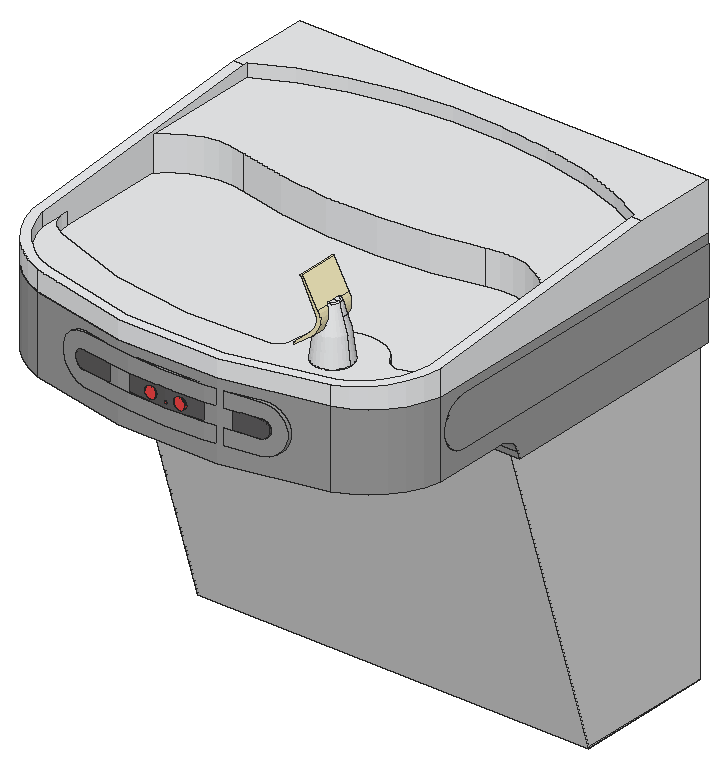
Revit family "Wall_mount-ada_cooler-elkay-LZO8L", category Plumbing Fixtures, Revit 2022
Family settings
  Round Connector Dimension = Use Diameter
  Part Type = Normal
  OmniClass Number = 23.65.70.14.11
  OmniClass Title = Drinking Fountains/Coolers
  Work Plane-Based = No
  Always vertical = Yes
  Cut with Voids When Loaded = No
  Maintain Annotation Orientation = No
  Shared = No
  Room Calculation Point = No
Parameters (values of type "LZO8L (Hands-free Activation Wall Mount ADA Cooler)")
  sensor button = 0"
  Voltage = 115 V
  URL = "https://www.elkay.com/us/en.html"
  Repair Parts URL = "https://www.elkayfiles.com/care-cleaning-install-warranty-sheets/1000003484.pdf"
  Product data URL = "https://bimobject.com/elkay/product/LZO8L"
  Product Weight (lbs) = 19
  Product Page URL = "https://www.elkay.com/products/details/lzo8l"
  Product Installation Sheet URL = "https://www.elkayfiles.com/care-cleaning-install-warranty-sheets/1000003484.pdf"
  Product Documentation Link = "https://www.elkayfiles.com/spec-sheets/lzo8l_spec.pdf"
  Power Factor = 1
  Outlet Connection Size (inch) = "1.25"
  Number of Poles = 1
  Mounting Type = "Wall Mount (On Wall)"
  Modified Date = ""
  Model = "LZO8L"
  Material_Wrapper = Finish-Elkay-Light Gray(1)
  Material_Shroud = Finish-Elkay-Light Gray
  Masking Arc Radius = 21"
  Masking A2 = 21.01042"
  Masking A1 = 21.44354"
  Manufacturer Brand = "Elkay (by Zurn Elkay Water Solutions)"  # constant formula
  Manufacturer = "Elkay Manufacturer Company"  # constant formula
  Main Material = Finish-Elkay-Steel
  Installation Location = "Indoor"
  Inlet Connection Size (inch) = 3/8"
  Dimensions (L x W x H) = "\"18 3/8 inch x 19 inch x 19 13/16 inch\""
  Description = "Wall Mount Hands-free Activation ADA Cooler Filtered Refrigerated Light Gray Granite"
  Default Elevation = 0"
  Date Created = "12/12/2025"  # constant formula
  Current = 0 A
  Connector Supply A = 3/8"
  Connector Outlet B = 1 1/4"
  Chilling Capacity(GPH) = 8
  Assembly Code = "D2010.60"
  Approx. Shipping Weight (lbs) = 54
  Activation Method = "Electronic Sensor Bubbler"
Reference planes (in)
  plane 1 "Center (Front/Back)": y = 0
  plane 2: z = 0
  plane 3 "Center (Left/Right)": x = 0
  plane 4: y = -16.15
  plane 5: y = -3.50315
  plane 6: y = -7.23664
  plane 7: y = 0
  plane 8: y = -0.11259
  plane 9: y = -17.38175
  plane 10: y = -16.0315
  plane 11: y = -15.67829
  plane 12: y = -6.24243
  plane 13: z = 12.51969
  plane 14: z = 32.87402
  plane 15: z = 17.4375
  plane 16: x = -5.74803
  plane 17: z = 21.875
  plane 18: x = -3.85827
  plane 19: z = 19
  plane 20: x = -2
  plane 21: y = -9.44688
Forms (in)
  Extrusion 1, solid, material "Finish-Elkay-Tansparent-Glass"
    sketch origin (0, 0, 0) x (1, 0, 0) y (0, 0, 1)
      loop
        circle (-3.85827, 21.875) r 0.625
    from 0.03937 to 0
  Extrusion 2, solid, material "Finish-Elkay-Tansparent-Glass"
    sketch origin (0, 0, 0) x (1, 0, 0) y (0, 0, 1)
      loop
        circle (-2, 19) r 0.1875
      loop
        circle (-5.74803, 17.4375) r 0.125
    from 0 to 0.03937
Lines and regions (in)
  Masking region 1
    outline origin (0, 0, 0) x (1, 0, 0) y (0, 1, 0)
      loop
        line (-9.2126, 0) -> (-9.2126, -15.0315)
        arc (-9.2126, -15.0315) -> (-8.31334, -16.89981) -> (-6.58836, -18.05033) r 3.92954
        arc (-6.58836, -18.05033) -> (0, -19.11771) -> (6.58836, -18.05033) r 20.86692
        arc (6.58836, -18.05033) -> (8.31334, -16.89981) -> (9.2126, -15.0315) r 3.92954
        line (9.2126, -15.0315) -> (9.2126, 0) -> (-9.2126, 0)
  Masking region 2, detail levels fine
    outline origin (0.00781, 0, 0) x (1, 0, 0) y (0, 1, 0)
      loop
        circle (5.11609, -16.02985) r 0.832
  Masking region 3, detail levels fine
    outline origin (0, 0, 0) x (1, 0, 0) y (0, 1, 0)
      loop
        line (-9.2126, 0) -> (-9.2126, -9.44688)
        arc (-9.2126, -9.44688) -> (-7.59809, -8.00178) -> (-5.43597, -7.85953) r 3.32209
        spline (-5.43597, -7.85953) -> (-4.58803, -8.06864) -> (-3.70867, -8.2417) -> (-2.80393, -8.37755) -> (-1.87999, -8.47525) -> (-0.94318, -8.53413) -> (0.00008, -8.55378) -> (0.94333, -8.53409) -> (1.88013, -8.47516) -> (2.80405, -8.37743) -> (3.70877, -8.24154) -> (4.58809, -8.06843) -> (5.43601, -7.85929)
        arc (5.43601, -7.85929) -> (7.59791, -8.00128) -> (9.2126, -9.44583) r 3.32235
        line (9.2126, -9.44583) -> (9.2126, 0) -> (-9.2126, 0)
Dimensions and locks (in)
  locked: plane 4 to plane 1 "Center (Front/Back)" at 16.15
  locked: plane 5 to plane 1 "Center (Front/Back)" at 3.50315
  locked: plane 5 to plane 6 at 3.73349
  locked: plane 7 to plane 8 at 0.11259
  locked: plane 7 to plane 5 at 3.50315
  locked: plane 6 to plane 11 at 8.44165
  locked: plane 1 "Center (Front/Back)" to plane 12 at 6.24243
  locked: plane 10 to plane 9 at 1.35026
  locked: plane 1 "Center (Front/Back)" to plane 9 at 17.38175
  locked: plane 11 to Masking region 2 sketch curve at 0.35156
  locked: plane 13 to level at 12.51969
  locked: plane 14 to level at 32.87402
  locked: nested 1 to level at 27.24788
  locked: nested 1 to nested 1 at 18.38583
  plane 15 to level = 17 7/16"
  locked: plane 3 "Center (Left/Right)" to plane 16 at 5.74803
  locked: plane 17 to level at 21.875
  locked: plane 3 "Center (Left/Right)" to plane 18 at 3.85827
  locked: plane 19 to level at 19
  locked: nested 1 to plane 20 at 2
  locked: plane 7 to plane 21 at 9.44793
  "Connector Outlet B": diameter of Extrusion 1 sketch curve
  "Connector Supply A": diameter of Extrusion 2 sketch curve
  aligned and locked: level to plane 2
  aligned and locked: Extrusion 1 to plane 1 "Center (Front/Back)"
  aligned and locked: Extrusion 2 to plane 1 "Center (Front/Back)"
  aligned and locked: Masking region 3 sketch curve to plane 7
  aligned and locked: plane 3 "Center (Left/Right)" to nested 1
  aligned and locked: nested 1 to plane 13
  aligned and locked: plane 17 to Extrusion 1 sketch curve
  aligned and locked: plane 18 to Extrusion 1 sketch curve
  aligned and locked: plane 19 to Extrusion 2 sketch curve
  aligned and locked: plane 20 to Extrusion 2 sketch curve
  aligned and locked: nested 1 to Masking region 1 sketch curve  (x3)
  aligned and locked: Masking region 1 to Masking region 3
  aligned and locked: Masking region 3 to Masking region 1  (x2)
  aligned and locked: plane 21 to Masking region 3  (x3)
  aligned and locked: Masking region 1 sketch curve to nested 1  (x3)
  aligned and locked: plane 16 to Extrusion 2 sketch curve
  aligned and locked: plane 15 to Extrusion 2 sketch curve
Automatic sketch dimensions
  plane 3 "Center (Left/Right)" to Masking region 2 sketch curve = 5.12391"
  plane 21 to Masking region 3 sketch curve = 0.00105"
  Masking region 3 sketch curve to plane 21 = 0"
  Masking region 3 sketch curve to plane 16 = 3.46457"
  Masking region 3 sketch curve to plane 16 = 0.56283"
  Masking region 3 sketch curve to plane 21 = 1.61743"
  plane 3 "Center (Left/Right)" to Masking region 3 sketch curve = 6.31113"
  plane 3 "Center (Left/Right)" to Masking region 3 sketch curve = 9.2126"
  Masking region 3 sketch curve to plane 21 = 1.61747"
  plane 16 to Masking region 3 sketch curve = 0.31206"
  Masking region 3 sketch curve to plane 3 "Center (Left/Right)" = 0.00042"
  Masking region 3 sketch curve to plane 6 = 0.62266"
  plane 5 to Masking region 3 sketch curve = 0.698"
  radius of Masking region 2 sketch curve = 0.832"
  radius of Extrusion 2 sketch curve = 1/8"
Nested families (in)
  nested 1: "sensor cooler" at (0, 0, 26.39749), type "sensor cooler"
    with sensor buttons yes, Material_Wrapper Finish-Elkay-Light Gray1, Material_Bubbler Finish-Elkay-Tan, Material_Basin Finish-Elkay-Light Gray, Main Material Finish-Elkay-Light Gray
Connectors (in)
  piping at (-3.85827, 0, 21.875), diameter 1.25, driven by "Connector Outlet B"
    settings: on Extrusion 1, index 1, connector inside diameter 24", connector length 0", flow factor 0, pipe flow 0 GPM, pressure drop 0.00 psi, fitting loss kfactor 0, connector angle 0.00°, fixture units 0, engagement length 0", angle of deflection 0.00°, flow configuration 0, flow direction 2, fitting loss method 0, system type 16, joint type 0, gender type 0, connector reference index -1, connector utility 0, adjustable connector no, is connector primary yes, connector description "Sanitary Outlet"
  piping at (-2, -0.03937, 19), diameter 0.375, driven by "Connector Supply A"
    settings: on Extrusion 2, index 2, connector inside diameter 24", connector length 0", flow factor 0, pipe flow 0 GPM, pressure drop 0.00 psi, fitting loss kfactor 0, connector angle 0.00°, fixture units 0, engagement length 0", angle of deflection 0.00°, flow configuration 0, flow direction 1, fitting loss method 0, system type 20, joint type 0, gender type 0, connector reference index -1, connector utility 0, adjustable connector no, is connector primary no, connector description "Water Supply"
  electrical at (-5.74803, -0.03937, 17.4375), driven by "Voltage"
    settings: on Extrusion 2, index 3, voltage 115 V, apparent load 0 VA, apparent load phase1 0 VA, apparent load phase2 0 VA, apparent load phase3 0 VA, power factor 1, load classification "Other", number of poles 1, system type 30, power factor state 1, is connector primary yes, connector utility no, sub classification motor no, connector description ""
Definition of nested family "sensor cooler"
  Parameters (values of type "sensor cooler")
    sensor buttons [instance] = yes
    Side Panel Radius = 1.10236"
    Sensor Button = none
    Repair Parts URL = ""
    Product data URL = ""
    Product Page URL = ""
    Product Installation Sheet URL = ""
    Product Documentation Link = ""
    Modified Date = ""
    Material_Wrapper [instance] = none
    Material_Bubbler [instance] = none
    Material_Basin [instance] = none
    Manufacturer Brand = ""
    Main Material [instance] = none
    Front Cut = 21.48291"
    Flow Rate (GPM) = 0 GPM
    Default Elevation = 0"
    Date Created = ""
    B1 = 0.98425"
    Angle1 = 107.585°
    A2 = 3.79892"
    A1 = 3.84199"
  Reference planes (in)
    plane 1 "Center (Front/Back)": y = 0
    plane 2: z = -0.14961
    plane 3 "Center (Left/Right)": x = 0
    plane 4: x = -9.17323
    plane 5: z = 4.2874
    plane 6: z = 0.85039
    plane 7: y = -19.01181
    plane 8: y = -15.0315
    plane 9: x = -9.2126
    plane 10: x = 9.2126
    plane 11: z = 1.66142
    plane 12: z = 3.86614
    plane 13: y = -14.84252
    plane 14: y = -13.73622
    plane 15: y = -19.09449
    plane 16: x = 3.96654
    plane 17: x = -3.96654
    plane 18: x = 9.17323
    plane 19: z = 6.40354
    plane 20: y = -3.70945
    plane 21 "Top": z = 12.23412
    plane 22: x = -8.74016
    plane 23: x = 8.74016
    plane 24: x = -3.07087
    plane 25: x = 3.07087
    plane 26: y = -6.23543
    plane 27: y = -16.0315
    plane 28: x = 5.0126
    plane 29: z = 2.76378
  Forms (in)
    Extrusion 1, solid, material <- "Material_Basin", detail levels fine
      sketch origin (0, 0, -0.14961) x (1, 0, 0) y (0, 1, 0)
        loop
          line (-9.17323, 0) -> (-9.17323, -15.0315)
          arc (-9.17323, -15.0315) -> (-8.28065, -16.86236) -> (-6.57758, -17.97965) r 3.84199
          arc (-6.57758, -17.97965) -> (0.01153, -19.01709) -> (6.60064, -17.97965) r 21.44354
          arc (6.60064, -17.97965) -> (8.29568, -16.86225) -> (9.17323, -15.0315) r 3.79892
          line (9.17323, -15.0315) -> (9.17323, 0) -> (-9.17323, 0)
      from 0 to 4.43701
    Extrusion 2, void
      sketch origin (0, 0, 0) x (0, -1, 0) y (0, 0, 1)
        loop
          line (20.07874, 0.85039) -> (11.63092, 0.85039)
          arc (11.63092, 0.85039) -> (11.04951, 0.66032) -> (10.69266, 0.16351) r 0.98425
          line (10.69266, 0.16351) -> (10.21909, -1.33071) -> (20.07874, -1.33071) -> (20.07874, 0.85039)
      from -9.2126 to 9.2126
    Extrusion 3, solid, material <- "Material_Basin", detail levels fine
      sketch origin (9.2126, 10.98215, 48) x (0, 1, 0) y (0, 0, 1)
        loop
          arc (-24.71837, -44.13386) -> (-25.82074, -45.23622) -> (-24.71837, -46.33858) r 1.10236
          line (-24.71837, -46.33858) -> (-10.98215, -46.33858) -> (-10.98215, -44.13386) -> (-24.71837, -44.13386)
      from 0 to -0.03937
    Extrusion 4, solid, material <- "Material_Basin", detail levels fine
      sketch origin (-9.14433, 10.98215, 48) x (0, 1, 0) y (0, 0, -1)
        loop
          line (-24.71837, 44.13386) -> (-10.98215, 44.13386) -> (-10.98215, 46.33858) -> (-24.71837, 46.33858)
          arc (-24.71837, 46.33858) -> (-25.82074, 45.23622) -> (-24.71837, 44.13386) r 1.10236
      from 0.06827 to 0.0289
    Extrusion 5, solid, material <- "Material_Basin", detail levels fine
      sketch origin (-18.25014, -19.09449, 48) x (-1, 0, 0) y (0, 0, 1)
        loop
          line (-14.28361, -44.13386) -> (-22.21668, -44.13386)
          arc (-22.21668, -44.13386) -> (-23.31904, -45.23622) -> (-22.21668, -46.33858) r 1.10236
          line (-22.21668, -46.33858) -> (-14.28361, -46.33858)
          arc (-14.28361, -46.33858) -> (-13.18124, -45.23622) -> (-14.28361, -44.13386) r 1.10236
        loop
          circle (-17.59264, -45.23622) r 0.26
        loop
          circle (-18.88264, -45.23622) r 0.26
        loop
          circle (-18.25014, -45.38622) r 0.09
        loop
          line (-14.28361, -44.83622) -> (-22.21668, -44.83622)
          arc (-22.21668, -44.83622) -> (-22.61668, -45.23622) -> (-22.21668, -45.63622) r 0.4
          line (-22.21668, -45.63622) -> (-14.28361, -45.63622)
          arc (-14.28361, -45.63622) -> (-13.88361, -45.23622) -> (-14.28361, -44.83622) r 0.4
      from 0 to 4.06299
    Extrusion 6, void
      sketch origin (0, 0, -0.14961) x (0, 1, 0) y (1, 0, 0)
        loop
          arc (-16.96151, -9.2126) -> (-19.04297, -0.00132) -> (-16.97322, 9.2126) r 21.48291
          line (-16.97322, 9.2126) -> (-19.09449, 9.2126) -> (-19.09449, -9.2126) -> (-16.96151, -9.2126)
      from -4.43701 to 0
    Extrusion 7, solid, detail levels fine
      sketch origin (0, -20.5709, 6.40354) x (0, -1, 0) y (1, 0, 0)
        loop
          line (-20.5709, 9.17323) -> (-20.5709, -9.17323) -> (-5.53941, -9.17323)
          arc (-5.53941, -9.17323) -> (-3.70854, -8.28065) -> (-2.59125, -6.57758) r 3.84199
          arc (-2.59125, -6.57758) -> (-1.55381, 0.01153) -> (-2.59125, 6.60064) r 21.44354
          arc (-2.59125, 6.60064) -> (-3.70865, 8.29568) -> (-5.53941, 9.17323) r 3.79892
          line (-5.53941, 9.17323) -> (-20.5709, 9.17323)
      from -2.11614 to 0
    Extrusion 8, void
      sketch origin (0, 0, 0) x (0, -1, 0) y (0, 0, 1)
        loop
          line (19.09449, 6.40354) -> (3.70945, 6.40354) -> (19.09449, 5.05753) -> (19.09449, 6.40354)
      from -9.2126 to 9.2126
    Sweep 9, void
      path origin (0.72234, 0, 2.88484) x (1, 0, 0) y (0, 0, 1)
        loop
          line (0, 3.5187) -> (0, 1.40256)
      profile origin (0.72234, 0, 5.34547) x (0, -1, 0) y (1, 0, 0)
        loop
          line (3.54162, -9.46243) -> (15.03152, -9.46243)
          arc (15.03152, -9.46243) -> (16.63229, -8.66494) -> (17.60903, -7.16679) r 3.40891
          arc (17.60903, -7.16679) -> (18.62552, -0.71072) -> (17.60902, 5.74535) r 21.01049
          arc (17.60902, 5.74535) -> (16.63295, 7.23493) -> (15.03344, 8.01798) r 3.36592
          line (15.03344, 8.01798) -> (3.54233, 8.01798)
          spline (3.54233, 8.01798) -> (2.94302, 6.86286) -> (2.4344, 5.54756) -> (2.0272, 4.09986) -> (1.73002, 2.55033) -> (1.54913, 0.93169) -> (1.48837, -0.72189) -> (1.549, -2.3755) -> (1.72975, -3.9942) -> (2.0268, -5.54383) -> (2.43388, -6.99166) -> (2.9424, -8.30712) -> (3.54162, -9.46243)
    Sweep 10, solid, detail levels fine
      path origin (0, 0, 0) x (1, 0, 0) y (0, 0, 1)
        loop
          line (0, 5.83465) -> (0, 3.86614)
      profile origin (0, 0, 4.85039) x (0, -1, 0) y (1, 0, 0)
        loop
          spline (3.54528, 8.74053) -> (2.94603, 7.5856) -> (2.43742, 6.27045) -> (2.0302, 4.82285) -> (1.73298, 3.27338) -> (1.55202, 1.65475) -> (1.49116, 0.00115) -> (1.55167, -1.6525) -> (1.73227, -3.27128) -> (2.02916, -4.821) -> (2.43607, -6.26895) -> (2.94439, -7.58453) -> (3.5434, -8.73997)
          line (3.5434, -8.73997) -> (8.80024, -8.73997)
          arc (8.80024, -8.73997) -> (7.87079, -7.21863) -> (7.86166, -5.43585) r 3.32209
          spline (7.86166, -5.43585) -> (8.07076, -4.58792) -> (8.24381, -3.70859) -> (8.37965, -2.80387) -> (8.47735, -1.87996) -> (8.53622, -0.94318) -> (8.55588, 0.00005) -> (8.53618, 0.94328) -> (8.47727, 1.88005) -> (8.37954, 2.80395) -> (8.24366, 3.70865) -> (8.07056, 4.58795) -> (7.86144, 5.43585)
          arc (7.86144, 5.43585) -> (7.87049, 7.21894) -> (8.80014, 8.74053) r 3.32235
          line (8.80014, 8.74053) -> (3.54528, 8.74053)
    Sweep 11, solid, detail levels fine
      path origin (0, 0, 0) x (1, 0, 0) y (0, 0, 1)
        loop
          line (0, 3.86614) -> (0, 4.85039)
      profile origin (0, 0, 4.35827) x (-1, 0, 0) y (0, -1, 0)
        loop
          arc (8.73697, 13.65465) -> (8.33521, 16.04662) -> (6.44385, 17.56507) r 3.40678
          arc (6.44385, 17.56507) -> (-0.0091, 18.58086) -> (-6.46209, 17.5654) r 21.00795
          arc (-6.46209, 17.5654) -> (-8.31956, 16.08273) -> (-8.73149, 13.74205) r 3.36021
          arc (-8.73149, 13.74205) -> (-8.4983, 14.52263) -> (-7.87516, 15.04739) r 1.42305
          arc (-7.87516, 15.04739) -> (-7.72264, 15.11543) -> (-7.56953, 15.18212) r 18.80058
          arc (-7.56953, 15.18212) -> (-7.15088, 15.20041) -> (-6.82549, 14.93634) r 0.59055
          arc (-6.82549, 14.93634) -> (-4.63653, 14.04805) -> (-3.22875, 15.9451) r 1.92913
          arc (-3.22875, 15.9451) -> (-3.08834, 16.33964) -> (-2.72163, 16.54187) r 0.59055
          arc (-2.72163, 16.54187) -> (2.68754, 16.54148) -> (7.8811, 15.02955) r 19.1631
          arc (7.8811, 15.02955) -> (8.5176, 14.47192) -> (8.73697, 13.65465) r 1.45741
    Extrusion 12, solid, detail levels coarse+medium
      sketch origin (0, -20.5709, 6.40354) x (0, -1, 0) y (1, 0, 0)
        loop
          line (-20.5709, -9.2126) -> (-5.53941, -9.2126)
          arc (-5.53941, -9.2126) -> (-3.67109, -8.31334) -> (-2.52057, -6.58836) r 3.92954
          arc (-2.52057, -6.58836) -> (-1.45319, 0) -> (-2.52057, 6.58836) r 20.86692
          arc (-2.52057, 6.58836) -> (-3.67109, 8.31334) -> (-5.53941, 9.2126) r 3.92954
          line (-5.53941, 9.2126) -> (-20.5709, 9.2126) -> (-20.5709, -9.2126)
      from -6.55315 to 0
    Extrusion 13, solid, visible <- "sensor buttons"
      sketch origin (0.00765, -1.46482, 0.01326) x (1, 0, 0) y (0, 0, 1)
        loop
          arc (-3.97419, 3.15052) -> (-4.37419, 2.75052) -> (-3.97419, 2.35052) r 0.4
          line (-3.97419, 2.35052) -> (3.95889, 2.35052)
          arc (3.95889, 2.35052) -> (4.35889, 2.75052) -> (3.95889, 3.15052) r 0.4
          line (3.95889, 3.15052) -> (-3.97419, 3.15052)
        loop
          circle (-0.66516, 2.75052) r 0.26
        loop
          circle (0.62484, 2.75052) r 0.26
        loop
          circle (-0.00765, 2.60052) r 0.09
      from 16.98435 to 17.62967
    Extrusion 14, solid, visible <- "sensor buttons"
      sketch origin (0, 0, 0) x (1, 0, 0) y (0, 0, 1)
        loop
          circle (-0.65751, 2.76378) r 0.26
        loop
          circle (0.63249, 2.76378) r 0.26
        loop
          circle (0, 2.61378) r 0.09
      from 15.0315 to 19.04262
    Extrusion 15, solid
      sketch origin (0, 0, 0) x (1, 0, 0) y (0, 0, 1)
        loop
          circle (0, 2.61378) r 0.09
      from 15.0315 to 19.04464
  Cuts and joins
    Extrusion 2 cuts Extrusion 1
    Extrusion 6 cuts Extrusion 5
    Extrusion 8, Sweep 9 cuts Extrusion 7
    Extrusion 6 cuts Extrusion 13
    Extrusion 8 cuts Extrusion 15
  Dimensions and locks (in)
    locked: plane 5 to plane 2 at 4.43701
    locked: plane 6 to plane 2 at 1
    locked: plane 7 to plane 1 "Center (Front/Back)" at 19.01181
    locked: plane 8 to plane 1 "Center (Front/Back)" at 15.0315
    locked: Extrusion 2 sketch curve to plane 7 at 1.06693
    locked: Extrusion 2 sketch curve to plane 2 at 1
    locked: plane 2 to Extrusion 2 sketch curve at 1.1811
    locked: plane 9 to plane 4 at 0.03937
    locked: plane 11 to plane 2 at 1.81102
    locked: plane 12 to plane 11 at 2.20472
    locked: plane 14 to plane 1 "Center (Front/Back)" at 13.73622
    locked: plane 13 to plane 1 "Center (Front/Back)" at 14.84252
    locked: plane 12 to Extrusion 4 sketch curve at 1.10236
    locked: plane 12 to Extrusion 3 sketch curve at 1.10236
    locked: plane 15 to plane 1 "Center (Front/Back)" at 19.09449
    equal spacing: plane 16, plane 3 "Center (Left/Right)", plane 17, locked at 3.96654 each
    locked: plane 16 to plane 17 at 7.93307
    plane 3 "Center (Left/Right)" to plane 17 = 3.96654"
    locked: plane 9 to plane 10 at 18.4252
    equal spacing: plane 9, plane 3 "Center (Left/Right)", plane 10, locked at 9.2126 each
    plane 9 to plane 3 "Center (Left/Right)" = 9.2126"
    locked: plane 18 to plane 10 at 0.03937
    locked: plane 8 to Extrusion 6 sketch curve at 1.93001
    locked: plane 8 to Extrusion 6 sketch curve at 1.94172
    locked: plane 19 to plane 5 at 2.11614
    locked: plane 20 to plane 1 "Center (Front/Back)" at 3.70945
    locked: plane 21 "Top" to plane 19 at 5.83057
    locked: plane 9 to plane 22 at 0.47244
    locked: plane 23 to plane 10 at 0.47244
    locked: plane 9 to plane 24 at 6.14173
    locked: plane 25 to plane 10 at 6.14173
    locked: plane 26 to plane 1 "Center (Front/Back)" at 6.23543
    locked: plane 19 to Sweep 10 sketch curve at 0.5689
    locked: Sweep 11 sketch curve to plane 19 at 1.55315
    locked: plane 19 to Extrusion 8 sketch curve at 1.34602
    locked: plane 7 to Extrusion 2 sketch curve at 8.79272
    locked: plane 27 to plane 15 at 3.06299
    locked: plane 28 to plane 10 at 4.2
    locked: plane 29 to plane 11 at 1.10236
    locked: Extrusion 13 sketch curve to plane 3 "Center (Left/Right)" at 0.63249
    locked: Extrusion 13 sketch curve to Extrusion 13 sketch curve at 1.29
    locked: plane 29 to Extrusion 13 sketch curve at 0.15
    "B1": radius of Extrusion 2 sketch curve
    "Side Panel Radius": radius of Extrusion 3 sketch curve
    "Side Panel Radius": radius of Extrusion 4 sketch curve
    "Side Panel Radius": radius of Extrusion 5 sketch curve  (x2)
    "Front Cut": radius of Extrusion 6 sketch curve
    "A1": radius of Extrusion 1 sketch curve
    "A2": radius of Extrusion 1 sketch curve
    aligned and locked: plane 2 to level
    aligned and locked: Extrusion 1 sketch curve to plane 1 "Center (Front/Back)"
    aligned and locked: plane 8 to Extrusion 1 sketch curve  (x2)
    aligned and locked: plane 5 to Extrusion 1
    aligned and locked: Extrusion 1 to level
    aligned and locked: Extrusion 3 sketch curve to plane 1 "Center (Front/Back)"
    aligned and locked: plane 14 to Extrusion 3 sketch curve
    aligned and locked: Extrusion 3 to plane 10
    aligned and locked: Extrusion 4 to plane 9
    aligned and locked: plane 4 to Extrusion 4
    aligned and locked: Extrusion 5 sketch curve to plane 12
    aligned and locked: plane 11 to Extrusion 5 sketch curve
    aligned and locked: plane 8 to Extrusion 5
    aligned and locked: plane 5 to Extrusion 6
    aligned and locked: Extrusion 6 to plane 2
    aligned and locked: Extrusion 1 sketch curve to plane 4
    aligned and locked: Extrusion 1 sketch curve to plane 18
    aligned and locked: Extrusion 2 to plane 9
    aligned and locked: plane 10 to Extrusion 2
    aligned and locked: Extrusion 3 to cut or joined group of Extrusion 1, Extrusion 2
    aligned and locked: Extrusion 6 to plane 9
    aligned and locked: Extrusion 6 to plane 15
    aligned and locked: plane 10 to Extrusion 6
    aligned and locked: Extrusion 7 sketch curve to plane 18
    aligned and locked: Extrusion 7 sketch curve to plane 4
    aligned and locked: Extrusion 7 sketch curve to cut or joined group of Extrusion 1, Extrusion 2  (x2)
    aligned and locked: Extrusion 7 sketch curve to plane 1 "Center (Front/Back)"
    aligned and locked: Extrusion 7 to plane 5
    aligned and locked: plane 19 to Extrusion 7
    aligned and locked: Extrusion 8 to plane 9
    aligned and locked: plane 10 to Extrusion 8
    aligned and locked: Extrusion 7 to cut or joined group of Extrusion 1, Extrusion 2
    aligned and locked: plane 19 to Sweep 9 sketch curve
    aligned and locked: plane 5 to Sweep 9 sketch curve
    aligned and locked: plane 12 to Sweep 10 sketch curve
    aligned and locked: plane 12 to Sweep 11 sketch curve
    aligned and locked: Extrusion 8 sketch curve to plane 15
    aligned and locked: Extrusion 8 sketch curve to plane 19
    aligned and locked: Extrusion 12 sketch curve to plane 1 "Center (Front/Back)"
    aligned and locked: Extrusion 12 to plane 2
    aligned and locked: plane 19 to Extrusion 12
    aligned and locked: Extrusion 12 sketch curve to plane 10
    aligned and locked: Extrusion 12 to plane 9
    aligned and locked: Extrusion 4 to plane 1 "Center (Front/Back)"
    aligned and locked: nested 1 to plane 28
    aligned and locked: nested 1 to plane 27
    aligned and locked: Sweep 11 to nested 1
    aligned and locked: plane 1 "Center (Front/Back)" to nested 2
    aligned and locked: plane 3 "Center (Left/Right)" to nested 2
    aligned and locked: level to nested 2
    aligned and locked: cut or joined group of Extrusion 5, Extrusion 6 to plane 15
    aligned and locked: plane 17 to Extrusion 13 sketch curve
    aligned and locked: plane 29 to Extrusion 13 sketch curve  (x4)
    aligned and locked: plane 16 to Extrusion 13 sketch curve
    aligned and locked: plane 3 "Center (Left/Right)" to Extrusion 13 sketch curve
    aligned and locked: Extrusion 5 sketch curve to cut or joined group of Extrusion 6, Extrusion 13  (x6)
    aligned and locked: Extrusion 14 sketch curve to cut or joined group of Extrusion 6, Extrusion 13  (x3)
    aligned and locked: cut or joined group of Extrusion 1, Extrusion 2 to Extrusion 14
    aligned and locked: cut or joined group of Extrusion 5, Extrusion 6 to Extrusion 14
    aligned and locked: Extrusion 15 sketch curve to cut or joined group of Extrusion 6, Extrusion 13
    aligned and locked: cut or joined group of Extrusion 1, Extrusion 2 to Extrusion 15
    aligned and locked: Extrusion 15 to cut or joined group of Extrusion 5, Extrusion 6
  Automatic sketch dimensions
    Extrusion 5 sketch curve to plane 16 = 0"  (x2)
    level to Extrusion 2 sketch curve = 0.31312"
    Extrusion 3 sketch curve to plane 1 "Center (Front/Back)" = 0"
    Extrusion 4 sketch curve to plane 14 = 0"
    Extrusion 4 sketch curve to plane 1 "Center (Front/Back)" = 0"
    Extrusion 6 sketch curve to plane 9 = 0"
    Extrusion 6 sketch curve to plane 15 = 0"
    plane 10 to Extrusion 6 sketch curve = 0"
    Extrusion 7 sketch curve to plane 8 = 0"
    plane 13 to Extrusion 7 sketch curve = 0.51898"
    Extrusion 7 sketch curve to Extrusion 7 sketch curve = 0"
    Extrusion 1 sketch curve to plane 8 = 0"
    plane 13 to Extrusion 1 sketch curve = 0.51898"
    plane 3 "Center (Left/Right)" to Extrusion 1 sketch curve = 0.01153"
    plane 13 to Extrusion 1 sketch curve = 0.47799"
    Extrusion 1 sketch curve to plane 1 "Center (Front/Back)" = 2.42645"
    Extrusion 1 sketch curve to Extrusion 1 sketch curve = 0"
    plane 3 "Center (Left/Right)" to Sweep 9 sketch curve = 0.72234"
    Sweep 10 sketch curve to plane 3 "Center (Left/Right)" = 0"
    Sweep 11 sketch curve to plane 3 "Center (Left/Right)" = 0"
    Sweep 11 sketch curve to Sweep 11 sketch curve = 1.90608"
    Sweep 11 sketch curve to Sweep 11 sketch curve = 0.02767"
    profile plane to Sweep 11 sketch curve = 0.13855"
    profile plane to Sweep 11 sketch curve = 0.01841"
    Sweep 11 sketch curve to Sweep 11 sketch curve = 0.00876"
    Sweep 11 sketch curve to profile plane = 5.39646"
    Sweep 11 sketch curve to Sweep 11 sketch curve = 1.88387"
    Sweep 11 sketch curve to Sweep 11 sketch curve = 0.62156"
    Sweep 11 sketch curve to plane 1 "Center (Front/Back)" = 2.08757"
    Sweep 11 sketch curve to Sweep 11 sketch curve = 0.33952"
    Sweep 11 sketch curve to Sweep 11 sketch curve = 0.00252"
    Sweep 11 sketch curve to Sweep 11 sketch curve = 0"  (x6)
    Sweep 11 sketch curve to Sweep 11 sketch curve = 0.51062"
    profile plane to Sweep 11 sketch curve = 2.63833"
    Sweep 11 sketch curve to Sweep 11 sketch curve = 2.51915"
    Sweep 11 sketch curve to Sweep 11 sketch curve = 0.27255"
    Sweep 11 sketch curve to Sweep 11 sketch curve = 1.30461"
    plane 1 "Center (Front/Back)" to Sweep 11 sketch curve = 13.70173"
    Sweep 11 sketch curve to Sweep 11 sketch curve = 0.58124"
    Sweep 11 sketch curve to Sweep 11 sketch curve = 0.62557"
    Sweep 11 sketch curve to Sweep 11 sketch curve = 0.89761"
    Sweep 11 sketch curve to Sweep 11 sketch curve = 1.5379"
    Sweep 11 sketch curve to Sweep 11 sketch curve = 0.05171"
    Sweep 11 sketch curve to Sweep 11 sketch curve = 1.43726"
    Extrusion 8 sketch curve to plane 20 = 0"
    profile plane to Sweep 9 sketch curve = 0.71073"
    Sweep 9 sketch curve to plane 1 "Center (Front/Back)" = 2.38498"
    plane 1 "Center (Front/Back)" to Sweep 9 sketch curve = 3.54162"
    Sweep 9 sketch curve to Sweep 9 sketch curve = 10.82342"
    Sweep 9 sketch curve to profile plane = 4.71107"
    Sweep 9 sketch curve to Sweep 9 sketch curve = 0.04091"
    Sweep 9 sketch curve to Sweep 9 sketch curve = 0.66649"
    Sweep 9 sketch curve to Sweep 9 sketch curve = 0.6275"
    profile plane to Sweep 9 sketch curve = 6.11931"
    Sweep 9 sketch curve to Sweep 9 sketch curve = 3.30691"
    plane 1 "Center (Front/Back)" to Sweep 9 sketch curve = 3.54233"
    profile plane to Sweep 9 sketch curve = 0.72282"
    plane 1 "Center (Front/Back)" to Sweep 9 sketch curve = 7.23769"
    Sweep 9 sketch curve to Sweep 9 sketch curve = 0"
    Sweep 9 sketch curve to Sweep 9 sketch curve = 2.66899"
    plane 1 "Center (Front/Back)" to Sweep 10 sketch curve = 3.5434"
    Sweep 10 sketch curve to Sweep 10 sketch curve = 5.25684"
    Sweep 10 sketch curve to Sweep 10 sketch curve = 2.26621"
    profile plane to Sweep 10 sketch curve = 8.73997"
    Sweep 10 sketch curve to Sweep 10 sketch curve = 2.42911"
    Sweep 10 sketch curve to profile plane = 6.31113"
    plane 1 "Center (Front/Back)" to Sweep 10 sketch curve = 2.80725"
    Sweep 10 sketch curve to Sweep 10 sketch curve = 0.73804"
    Sweep 10 sketch curve to Sweep 10 sketch curve = 4.43143"
    Sweep 10 sketch curve to Sweep 10 sketch curve = 3.20498"
    Sweep 10 sketch curve to Sweep 10 sketch curve = 3.20478"
    Sweep 10 sketch curve to Sweep 10 sketch curve = 1.56146"
    profile plane to Sweep 10 sketch curve = 0.00129"
    profile plane to Sweep 10 sketch curve = 0.00042"
    Sweep 10 sketch curve to Sweep 10 sketch curve = 0.87529"
    Sweep 10 sketch curve to Sweep 10 sketch curve = 2.66884"
    Extrusion 12 sketch curve to plane 3 "Center (Left/Right)" = 0"
    Extrusion 12 sketch curve to plane 8 = 0"  (x2)
    Extrusion 12 sketch curve to plane 9 = 0"
    plane 13 to Extrusion 12 sketch curve = 0.52072"  (x2)
    plane 28 to Extrusion 12 sketch curve = 0.33508"
    plane 7 to Extrusion 12 sketch curve = 0.96148"
    Extrusion 12 sketch curve to Extrusion 12 sketch curve = 0"  (x2)
    plane 29 to Extrusion 13 sketch curve = 0.4"
    Extrusion 5 sketch curve to Extrusion 5 sketch curve = 0"  (x7)
    Extrusion 5 sketch curve to plane 17 = 0"
    Extrusion 14 sketch curve to Extrusion 14 sketch curve = 0"  (x4)
    Extrusion 15 sketch curve to Extrusion 15 sketch curve = 0"  (x2)
    radius of Extrusion 13 sketch curve = 0.26"  (x2)
    radius of Extrusion 13 sketch curve = 0.09"
  Nested families (in)
    nested 1: "Soft side flexi bubbler" at (5.12522, -16.0315, 4.81028), type "Soft side flexi bubbler"
    nested 2: "Wrapper" at (0, 0, -0.14961), Main Material <- "Main Material", Material_Wrapper <- "Material_Wrapper", type "Wrapper"
      with Material_Wrapper none, Main Material none
  Definition of nested family "Soft side flexi bubbler"
    Parameters (values of type "Soft side flexi bubbler")
      Width = 1.73228"
      Repair Parts URL = ""
      R5 = 2.43553"
      R4 = 0.27768"
      R3 = 0.06515"
      R2 = 0.83542"
      R1 = 8.14279"
      Product data URL = ""
      Product Page URL = ""
      Product Installation Sheet URL = ""
      Product Documentation Link = ""
      Modified Date = ""
      Manufacturer Brand = ""
      Main Material = none
      Flow Rate (GPM) = 0 GPM
      Default Elevation = 0"
      Date Created = ""
      C1 = 0.70913"
      B3 = 0.02457"
      B2 = 0.84908"
      B1 = 0.70913"
    Reference planes (in)
      plane 1 "Center (Front/Back)": y = 0
      plane 2: z = 0
      plane 3 "Center (Left/Right)": x = 0
      plane 4: y = 0.86614
      plane 5: y = -0.86614
      plane 6: z = 2.43553
    Forms (in)
      Revolve 1, solid, material <- "Main Material", detail levels fine
        sketch origin (0, 0, 0) x (1, 0, 0) y (0, 0, 1)
          loop
            line (0, 0) -> (0.83542, 0) -> (0.83542, 0.04012)
            arc (0.83542, 0.04012) -> (0.67418, 1.23507) -> (0.33825, 2.39311) r 8.14279
            arc (0.33825, 2.39311) -> (0.31457, 2.42375) -> (0.27768, 2.43553) r 0.06515
            line (0.27768, 2.43553) -> (0, 2.43553) -> (0, 0)
          axis (0, 2.43553) -> (0, 0)
        angle from 0 to 360
      Extrusion 2, solid
        sketch origin (0, 0, 0) x (1, 0, 0) y (0, 0, 1)
          loop
            line (-0.76217, 3.49537) -> (-0.10679, 2.26207)
            arc (-0.10679, 2.26207) -> (-0.03691, 1.79391) -> (-0.27718, 1.38608) r 0.70913
            line (-0.27718, 1.38608) -> (-1.0634, 0.72636)
            arc (-1.0634, 0.72636) -> (-1.07177, 0.71201) -> (-1.0691, 0.69562) r 0.02457
            line (-1.0691, 0.69562) -> (-1.0485, 0.65847)
            arc (-1.0485, 0.65847) -> (-1.03275, 0.64681) -> (-1.01362, 0.65105) r 0.02362
            line (-1.01362, 0.65105) -> (-0.19804, 1.26564)
            arc (-0.19804, 1.26564) -> (0.12178, 1.76856) -> (0.03226, 2.35779) r 0.84908
            line (0.03226, 2.35779) -> (-0.645, 3.57032)
            arc (-0.645, 3.57032) -> (-0.66097, 3.58229) -> (-0.68055, 3.57847) r 0.02457
            line (-0.68055, 3.57847) -> (-0.75468, 3.52655)
            arc (-0.75468, 3.52655) -> (-0.76433, 3.51238) -> (-0.76217, 3.49537) r 0.0242
        from 0.86614 to -0.86614
      Extrusion 3, void
        sketch origin (0, 0, 0) x (-1, 0, 0) y (0, 0, 1)
          loop
            arc (0.0238, 2.27009) -> (-0.0478, 1.80074) -> (0.19275, 1.39142) r 0.70913
            line (0.19275, 1.39142) -> (1.85098, 0) -> (2.23979, 0) -> (2.23979, 3.86814) -> (0.88181, 3.86814) -> (0.0238, 2.27009)
        from -0.86614 to 0.86614
      Extrusion 4, solid, material <- "Main Material", detail levels coarse+medium
        sketch origin (0, 0, 0) x (1, 0, 0) y (0, 1, 0)
          loop
            circle (0, 0) r 0.83542
        from 0 to 2.43553
    Cuts and joins
      Extrusion 3 cuts Revolve 1
    Dimensions and locks (in)
      "R2": Revolve 1 sketch curve to plane 3 "Center (Left/Right)"
      "R4": Revolve 1 sketch curve to plane 3 "Center (Left/Right)"
      equal spacing: plane 4, plane 1 "Center (Front/Back)", plane 5
      plane 4 to plane 1 "Center (Front/Back)" = 0.86614"
      "Width": plane 4 to plane 5
      Extrusion 2 sketch curve to Extrusion 2 sketch curve = 0.13864"
      locked: Extrusion 2 sketch curve to Extrusion 2 sketch curve at 0.16881
      locked: Extrusion 2 sketch curve to Extrusion 2 sketch curve at 0.14411
      locked: Extrusion 2 sketch curve to Extrusion 2 sketch curve at 0.09027
      locked: plane 3 "Center (Left/Right)" to Extrusion 3 sketch curve at 2.23979
      locked: Extrusion 3 sketch curve to plane 2 at 3.86814
      locked: Extrusion 3 sketch curve to Extrusion 3 sketch curve at 3.02622
      locked: Extrusion 3 sketch curve to Extrusion 3 sketch curve at 0.24992
      "R5": plane 6 to plane 2
      "R1": radius of Revolve 1 sketch curve
      "R3": radius of Revolve 1 sketch curve
      "B1": radius of Extrusion 2 sketch curve
      "B2": radius of Extrusion 2 sketch curve
      "B3": radius of Extrusion 2 sketch curve  (x2)
      "C1": radius of Extrusion 3 sketch curve
      "R2": radius of Extrusion 4 sketch curve
      aligned and locked: plane 2 to level
      aligned and locked: Revolve 1 sketch curve to plane 3 "Center (Left/Right)"
      aligned and locked: Revolve 1 sketch curve to plane 2
      aligned and locked: plane 4 to Extrusion 2
      aligned and locked: Extrusion 2 to plane 5
      aligned and locked: Extrusion 3 sketch curve to Extrusion 3 sketch curve
      aligned and locked: Extrusion 3 sketch curve to plane 2
      aligned and locked: Extrusion 2 to Extrusion 3
      aligned and locked: Extrusion 3 to Extrusion 2
      aligned and locked: plane 1 "Center (Front/Back)" to Extrusion 4 sketch curve
      aligned and locked: plane 3 "Center (Left/Right)" to Extrusion 4 sketch curve
      aligned and locked: Extrusion 4 to plane 2
      aligned and locked: plane 6 to Revolve 1 sketch curve
      aligned and locked: plane 6 to Extrusion 4
    Automatic sketch dimensions
      Revolve 1 sketch curve to plane 3 "Center (Left/Right)" = 0"
      Revolve 1 sketch curve to level = 0.44826"
      Revolve 1 sketch curve to plane 3 "Center (Left/Right)" = 7.29271"
      Revolve 1 sketch curve to Revolve 1 sketch curve = 0.00048"
      Revolve 1 sketch curve to Revolve 1 sketch curve = 1.37749"
      Revolve 1 sketch curve to Revolve 1 sketch curve = 0.61691"
      level to Extrusion 2 sketch curve = 0.69562"
      Extrusion 2 sketch curve to plane 3 "Center (Left/Right)" = 1.0691"
      level to Extrusion 2 sketch curve = 0.72636"
      Extrusion 2 sketch curve to Extrusion 2 sketch curve = 0.0057"
      level to Extrusion 2 sketch curve = 0.65847"
      Extrusion 2 sketch curve to Extrusion 2 sketch curve = 0.02066"
      Extrusion 2 sketch curve to plane 3 "Center (Left/Right)" = 0.76217"
      Extrusion 2 sketch curve to Extrusion 2 sketch curve = 0.00749"
      Extrusion 2 sketch curve to Extrusion 2 sketch curve = 0.01388"
      Extrusion 3 sketch curve to plane 3 "Center (Left/Right)" = 0.19275"
      Extrusion 3 sketch curve to plane 3 "Center (Left/Right)" = 0.0238"
      Extrusion 2 sketch curve to Extrusion 2 sketch curve = 0.3304"
  Definition of nested family "Wrapper"
    Parameters (values of type "Wrapper")
      Thickness = 0.03937"
      Repair Parts URL = ""
      Product data URL = ""
      Product Weight (lbs) = 0
      Product Page URL = ""
      Product Installation Sheet URL = ""
      Product Documentation Link = ""
      Operating Water Pressure (PSI) = ""
      Modified Date = ""
      Max Working Water Temperature = -459.67 °F
      Material_Wrapper [instance] = none
      Manufacturer Brand = ""
      Main Material [instance] = none
      Inlet Connection Size (inch) = 0"
      Flush Rate (GPF) = ""
      Flow Rate (GPM) = 0 GPM
      Default Elevation = 0"
      Date Created = ""
      Angle = 107.585°
      Aerator Flow Rate (GPM) = 0.0 gal
      Activation Method = ""
    Reference planes (in)
      plane 1 "Center (Front/Back)": y = 0
      plane 2: z = 0
      plane 3 "Center (Left/Right)": x = 0
      plane 4: x = 8.79
      plane 5: x = -8.79
      plane 6: x = 8.75063
      plane 7: x = -8.75063
      plane 8: y = -6.21053
      plane 9: z = -13.72819
      plane 10: z = -13.68882
      plane 11: y = -10.59342
      plane 12: x = -8.31795
      plane 13: x = 8.31756
      plane 14: y = -0.03937
    Forms (in)
      Sweep 1, solid, material <- "Material_Wrapper", detail levels fine
        path origin (0, 0, 0) x (1, 0, 0) y (0, 1, 0)
          loop
            line (-8.79, -6.21053) -> (8.79, -6.21053)
        profile origin (0, -6.21053, 0) x (0, 1, 0) y (0, 0, 1)
          loop
            line (-4.3829, 0) -> (-0.0319, -13.72819) -> (0.0094, -13.72819) -> (-4.3416, 0) -> (-4.3829, 0)
      Extrusion 2, solid, material <- "Material_Wrapper", detail levels fine
        sketch origin (0, 0, 0) x (0, 1, 0) y (0, 0, 1)
          loop
            line (-10.59342, 0) -> (-6.24243, -13.72819) -> (0, -13.72819) -> (0, 0) -> (-10.59342, 0)
        from 8.75063 to 8.79
      Extrusion 3, solid, material <- "Material_Wrapper", detail levels fine
        sketch origin (0, 0, 0) x (0, 1, 0) y (0, 0, 1)
          loop
            line (-10.59342, 0) -> (-6.24243, -13.72819) -> (0, -13.72819) -> (0, 0) -> (-10.59342, 0)
        from -8.75063 to -8.79
      Sweep 4, solid, material <- "Material_Wrapper", detail levels fine
        path origin (0, -6.24243, -13.72819) x (1, 0, 0) y (0, 1, 0)
          loop
            line (8.79, 6.24243) -> (8.79, 0.0319) -> (-8.79, 0.0319) -> (-8.79, 6.24243)
        profile origin (-8.79, -3.10526, -13.72819) x (-1, 0, 0) y (0, 0, 1)
          loop
            line (0, 0) -> (0, 0.03937) -> (-0.47205, 0.03937) -> (-0.47205, 0) -> (0, 0)
      Extrusion 5, solid, material <- "Material_Wrapper", detail levels fine
        sketch origin (0, 0, 0) x (1, 0, 0) y (0, 0, 1)
          loop
            line (-8.79, 0) -> (-8.79, -13.72819) -> (-8.31795, -13.72819) -> (-8.31795, 0) -> (-8.79, 0)
          loop
            line (8.31756, 0) -> (8.31756, -13.72819) -> (8.79, -13.72819) -> (8.79, 0) -> (8.31756, 0)
        from 0 to 0.03937
      Sweep 6, solid, material <- "Material_Wrapper", detail levels coarse+medium
        path origin (0, 0, 0) x (1, 0, 0) y (0, 1, 0)
          loop
            line (-8.79, -10.59342) -> (8.79, -10.59342)
        profile origin (0, -10.59342, 0) x (0, 1, 0) y (0, 0, 1)
          loop
            line (0, 0) -> (4.351, -13.72819) -> (10.59342, -13.72819) -> (10.59342, 0) -> (0, 0)
    Cuts and joins
      joined: Sweep 1, Extrusion 2, Extrusion 3, Extrusion 5
    Dimensions and locks (in)
      equal spacing: plane 5, plane 3 "Center (Left/Right)", plane 4
      plane 3 "Center (Left/Right)" to plane 4 = 8.79"
      locked: plane 5 to plane 4 at 17.58
      "Thickness": plane 6 to plane 4
      "Thickness": plane 5 to plane 7
      locked: plane 8 to plane 1 "Center (Front/Back)" at 6.21053
      locked: plane 2 to plane 9 at 13.72819
      locked: plane 11 to plane 1 "Center (Front/Back)" at 10.59342
      locked: plane 5 to plane 12 at 0.47205
      locked: plane 13 to plane 4 at 0.47244
      "Thickness": plane 9 to plane 10
      "Thickness": plane 14 to plane 1 "Center (Front/Back)"
      "Angle": angle Extrusion 2 sketch curve to Sweep 1
      "Angle": angle Extrusion 2 to Extrusion 3 sketch curve
      "Angle": angle Sweep 6 sketch curve to Sweep 6 sketch curve
      aligned and locked: level to plane 2
      aligned and locked: Extrusion 2 sketch curve to plane 1 "Center (Front/Back)"
      aligned and locked: Extrusion 2 sketch curve to plane 2
      aligned and locked: Extrusion 2 sketch curve to plane 9
      aligned and locked: plane 4 to Extrusion 2
      aligned and locked: Extrusion 2 to plane 6
      aligned and locked: Extrusion 3 sketch curve to level
      aligned and locked: Extrusion 3 sketch curve to plane 1 "Center (Front/Back)"
      aligned and locked: Extrusion 3 sketch curve to plane 9
      aligned and locked: plane 7 to Extrusion 3
      aligned and locked: Extrusion 3 to plane 5
      aligned and locked: Extrusion 2 sketch curve to Sweep 1
      aligned and locked: Extrusion 3 sketch curve to Sweep 1
      aligned and locked: plane 8 to Sweep 4 sketch curve
      aligned and locked: plane 1 "Center (Front/Back)" to Sweep 4 sketch curve  (x2)
      aligned and locked: plane 10 to Sweep 4 sketch curve
      aligned and locked: Sweep 4 sketch curve to plane 12
      aligned and locked: Sweep 1 sketch curve to plane 8
      aligned and locked: plane 5 to Sweep 1 sketch curve
      aligned and locked: plane 4 to Sweep 1 sketch curve
      aligned and locked: plane 5 to Extrusion 5 sketch curve
      aligned and locked: Extrusion 5 sketch curve to plane 2  (x2)
      aligned and locked: plane 12 to Extrusion 5 sketch curve
      aligned and locked: Extrusion 5 sketch curve to plane 9  (x2)
      aligned and locked: Extrusion 5 sketch curve to plane 4
      aligned and locked: plane 13 to Extrusion 5 sketch curve
      aligned and locked: Extrusion 5 to plane 14
      aligned and locked: Extrusion 5 to plane 1 "Center (Front/Back)"
      aligned and locked: plane 5 to Sweep 6 sketch curve
      aligned and locked: plane 4 to Sweep 6 sketch curve
      aligned and locked: plane 11 to Sweep 6 sketch curve  (x2)
      aligned and locked: Sweep 6 sketch curve to plane 9
      aligned and locked: Sweep 6 sketch curve to plane 2
      aligned and locked: Sweep 6 sketch curve to plane 1 "Center (Front/Back)"
    Automatic sketch dimensions
      Sweep 1 sketch curve to level = 0"
      profile plane to Sweep 1 sketch curve = 0.0319"
      profile plane to Sweep 1 sketch curve = 4.3416"
      Sweep 1 sketch curve to Sweep 1 sketch curve = 0.0413"
      Sweep 1 sketch curve to profile plane = 0.0094"
      Sweep 1 sketch curve to level = 13.72819"
      Sweep 4 sketch curve to plane 5 = 0"
      Sweep 4 sketch curve to plane 4 = 0"
      Sweep 4 sketch curve to plane 9 = 0"
      Sweep 4 sketch curve to profile plane = 0"
